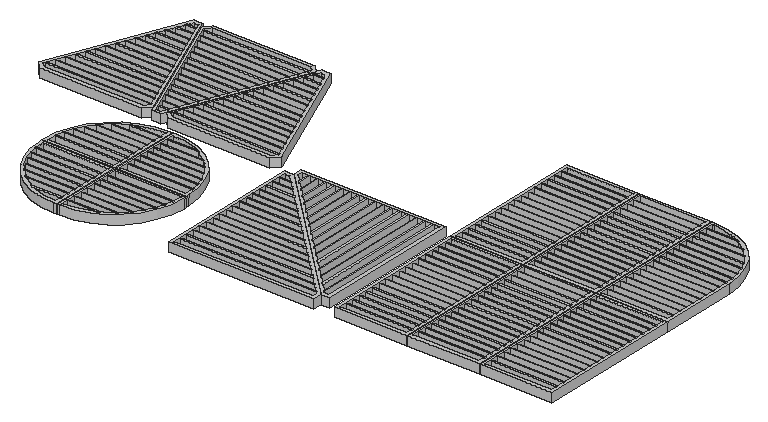
Revit family "CDL-WFD-006_MARTHA'S_RFA", category Modelos genéricos, Revit 2022
Family settings
  Puede alojar armadura = No
  Cota de conector redondo = Diámetro de uso
  Tipo de pieza = Normal
  Se basa en plano de trabajo = No
  Siempre vertical = Sí
  Corte con vacíos al cargar = No
  Mantener orientación de anotación = No
  Compartido = No
  Punto de cálculo de habitación = No
Parameters
  Elevación por defecto = 0.00"
Reference planes (in)
  plane 1 "Centro (Frontal/Posterior)": y = 0
  plane 2: z = 0
  plane 3 "Centro (Izquierda/Derecha)": x = 0
Forms (in)
  Extrusion 1, solid, not visible
    sketch origin (0, 0, 0) x (1, 0, 0) y (0, 1, 0)
      loop
        line (0, 2.25) -> (0, 0) -> (108, 0) -> (108, 2.25) -> (0, 2.25)
    from 0 to 8
  Extrusion 2, solid, not visible
    sketch origin (0, 0, 0) x (1, 0, 0) y (0, 1, 0)
      loop
        line (0, 2.25) -> (0, 0) -> (108, 0) -> (108, 2.25) -> (0, 2.25)
    from 0 to 8
  Extrusion 3, solid, not visible
    sketch origin (0, 8, 0) x (1, 0, 0) y (0, 1, 0)
      loop
        line (0, 2.25) -> (0, 0) -> (108, 0) -> (108, 2.25) -> (0, 2.25)
    from 0 to 8
  Extrusion 4, solid, not visible
    sketch origin (0, 16, 0) x (1, 0, 0) y (0, 1, 0)
      loop
        line (0, 2.25) -> (0, 0) -> (108, 0) -> (108, 2.25) -> (0, 2.25)
    from 0 to 8
  Extrusion 5, solid, not visible
    sketch origin (0, 24, 0) x (1, 0, 0) y (0, 1, 0)
      loop
        line (0, 2.25) -> (0, 0) -> (108, 0) -> (108, 2.25) -> (0, 2.25)
    from 0 to 8
  Extrusion 6, solid, not visible
    sketch origin (0, 32, 0) x (1, 0, 0) y (0, 1, 0)
      loop
        line (0, 2.25) -> (0, 0) -> (108, 0) -> (108, 2.25) -> (0, 2.25)
    from 0 to 8
  Extrusion 7, solid, not visible
    sketch origin (0, 40, 0) x (1, 0, 0) y (0, 1, 0)
      loop
        line (0, 2.25) -> (0, 0) -> (108, 0) -> (108, 2.25) -> (0, 2.25)
    from 0 to 8
  Extrusion 8, solid, not visible
    sketch origin (0, 48, 0) x (1, 0, 0) y (0, 1, 0)
      loop
        line (0, 2.25) -> (0, 0) -> (108, 0) -> (108, 2.25) -> (0, 2.25)
    from 0 to 8
  Extrusion 9, solid, not visible
    sketch origin (0, 56, 0) x (1, 0, 0) y (0, 1, 0)
      loop
        line (0, 2.25) -> (0, 0) -> (108, 0) -> (108, 2.25) -> (0, 2.25)
    from 0 to 8
  Extrusion 10, solid, not visible
    sketch origin (0, 64, 0) x (1, 0, 0) y (0, 1, 0)
      loop
        line (0, 2.25) -> (0, 0) -> (108, 0) -> (108, 2.25) -> (0, 2.25)
    from 0 to 8
  Extrusion 11, solid, not visible
    sketch origin (0, 72, 0) x (1, 0, 0) y (0, 1, 0)
      loop
        line (0, 2.25) -> (0, 0) -> (108, 0) -> (108, 2.25) -> (0, 2.25)
    from 0 to 8
  Extrusion 12, solid, not visible
    sketch origin (0, 80, 0) x (1, 0, 0) y (0, 1, 0)
      loop
        line (0, 2.25) -> (0, 0) -> (108, 0) -> (108, 2.25) -> (0, 2.25)
    from 0 to 8
  Extrusion 13, solid, not visible
    sketch origin (0, 88, 0) x (1, 0, 0) y (0, 1, 0)
      loop
        line (0, 2.25) -> (0, 0) -> (108, 0) -> (108, 2.25) -> (0, 2.25)
    from 0 to 8
  Extrusion 14, solid, not visible
    sketch origin (0, 96, 0) x (1, 0, 0) y (0, 1, 0)
      loop
        line (0, 2.25) -> (0, 0) -> (108, 0) -> (108, 2.25) -> (0, 2.25)
    from 0 to 8
  Extrusion 15, solid, not visible
    sketch origin (0, 104, 0) x (1, 0, 0) y (0, 1, 0)
      loop
        line (0, 2.25) -> (0, 0) -> (108, 0) -> (108, 2.25) -> (0, 2.25)
    from 0 to 8
  Extrusion 16, solid, not visible
    sketch origin (0, 112, 0) x (1, 0, 0) y (0, 1, 0)
      loop
        line (0, 2.25) -> (0, 0) -> (108, 0) -> (108, 2.25) -> (0, 2.25)
    from 0 to 8
  Extrusion 17, solid, not visible
    sketch origin (0, 120, 0) x (1, 0, 0) y (0, 1, 0)
      loop
        line (0, 2.25) -> (0, 0) -> (108, 0) -> (108, 2.25) -> (0, 2.25)
    from 0 to 8
  Extrusion 18, solid, not visible
    sketch origin (0, 128, 0) x (1, 0, 0) y (0, 1, 0)
      loop
        line (0, 2.25) -> (0, 0) -> (108, 0) -> (108, 2.25) -> (0, 2.25)
    from 0 to 8
  Extrusion 19, solid, not visible
    sketch origin (0, 136, 0) x (1, 0, 0) y (0, 1, 0)
      loop
        line (0, 2.25) -> (0, 0) -> (108, 0) -> (108, 2.25) -> (0, 2.25)
    from 0 to 8
  Extrusion 20, solid, not visible
    sketch origin (0, 144, 0) x (1, 0, 0) y (0, 1, 0)
      loop
        line (0, 2.25) -> (0, 0) -> (108, 0) -> (108, 2.25) -> (0, 2.25)
    from 0 to 8
  Extrusion 21, solid, not visible
    sketch origin (0, 152, 0) x (1, 0, 0) y (0, 1, 0)
      loop
        line (0, 2.25) -> (0, 0) -> (108, 0) -> (108, 2.25) -> (0, 2.25)
    from 0 to 8
  Extrusion 22, solid, not visible
    sketch origin (109, 0, 0) x (1, 0, 0) y (0, 1, 0)
      loop
        line (0, 2.25) -> (0, 0) -> (108, 0) -> (108, 2.25) -> (0, 2.25)
    from 0 to 8
  Extrusion 23, solid, not visible
    sketch origin (109, 8, 0) x (1, 0, 0) y (0, 1, 0)
      loop
        line (0, 2.25) -> (0, 0) -> (108, 0) -> (108, 2.25) -> (0, 2.25)
    from 0 to 8
  Extrusion 24, solid, not visible
    sketch origin (109, 16, 0) x (1, 0, 0) y (0, 1, 0)
      loop
        line (0, 2.25) -> (0, 0) -> (108, 0) -> (108, 2.25) -> (0, 2.25)
    from 0 to 8
  Extrusion 25, solid, not visible
    sketch origin (109, 24, 0) x (1, 0, 0) y (0, 1, 0)
      loop
        line (0, 2.25) -> (0, 0) -> (108, 0) -> (108, 2.25) -> (0, 2.25)
    from 0 to 8
  Extrusion 26, solid, not visible
    sketch origin (109, 32, 0) x (1, 0, 0) y (0, 1, 0)
      loop
        line (0, 2.25) -> (0, 0) -> (108, 0) -> (108, 2.25) -> (0, 2.25)
    from 0 to 8
  Extrusion 27, solid, not visible
    sketch origin (109, 40, 0) x (1, 0, 0) y (0, 1, 0)
      loop
        line (0, 2.25) -> (0, 0) -> (108, 0) -> (108, 2.25) -> (0, 2.25)
    from 0 to 8
  Extrusion 28, solid, not visible
    sketch origin (109, 48, 0) x (1, 0, 0) y (0, 1, 0)
      loop
        line (0, 2.25) -> (0, 0) -> (108, 0) -> (108, 2.25) -> (0, 2.25)
    from 0 to 8
  Extrusion 29, solid, not visible
    sketch origin (109, 56, 0) x (1, 0, 0) y (0, 1, 0)
      loop
        line (0, 2.25) -> (0, 0) -> (108, 0) -> (108, 2.25) -> (0, 2.25)
    from 0 to 8
  Extrusion 30, solid, not visible
    sketch origin (109, 64, 0) x (1, 0, 0) y (0, 1, 0)
      loop
        line (0, 2.25) -> (0, 0) -> (108, 0) -> (108, 2.25) -> (0, 2.25)
    from 0 to 8
  Extrusion 31, solid, not visible
    sketch origin (109, 72, 0) x (1, 0, 0) y (0, 1, 0)
      loop
        line (0, 2.25) -> (0, 0) -> (108, 0) -> (108, 2.25) -> (0, 2.25)
    from 0 to 8
  Extrusion 32, solid, not visible
    sketch origin (109, 80, 0) x (1, 0, 0) y (0, 1, 0)
      loop
        line (0, 2.25) -> (0, 0) -> (108, 0) -> (108, 2.25) -> (0, 2.25)
    from 0 to 8
  Extrusion 33, solid, not visible
    sketch origin (109, 88, 0) x (1, 0, 0) y (0, 1, 0)
      loop
        line (0, 2.25) -> (0, 0) -> (108, 0) -> (108, 2.25) -> (0, 2.25)
    from 0 to 8
  Extrusion 34, solid, not visible
    sketch origin (109, 96, 0) x (1, 0, 0) y (0, 1, 0)
      loop
        line (0, 2.25) -> (0, 0) -> (108, 0) -> (108, 2.25) -> (0, 2.25)
    from 0 to 8
  Extrusion 35, solid, not visible
    sketch origin (109, 104, 0) x (1, 0, 0) y (0, 1, 0)
      loop
        line (0, 2.25) -> (0, 0) -> (108, 0) -> (108, 2.25) -> (0, 2.25)
    from 0 to 8
  Extrusion 36, solid, not visible
    sketch origin (109, 112, 0) x (1, 0, 0) y (0, 1, 0)
      loop
        line (0, 2.25) -> (0, 0) -> (108, 0) -> (108, 2.25) -> (0, 2.25)
    from 0 to 8
  Extrusion 37, solid, not visible
    sketch origin (109, 120, 0) x (1, 0, 0) y (0, 1, 0)
      loop
        line (0, 2.25) -> (0, 0) -> (108, 0) -> (108, 2.25) -> (0, 2.25)
    from 0 to 8
  Extrusion 38, solid, not visible
    sketch origin (109, 128, 0) x (1, 0, 0) y (0, 1, 0)
      loop
        line (0, 2.25) -> (0, 0) -> (108, 0) -> (108, 2.25) -> (0, 2.25)
    from 0 to 8
  Extrusion 39, solid, not visible
    sketch origin (109, 136, 0) x (1, 0, 0) y (0, 1, 0)
      loop
        line (0, 2.25) -> (0, 0) -> (108, 0) -> (108, 2.25) -> (0, 2.25)
    from 0 to 8
  Extrusion 40, solid, not visible
    sketch origin (109, 144, 0) x (1, 0, 0) y (0, 1, 0)
      loop
        line (0, 2.25) -> (0, 0) -> (108, 0) -> (108, 2.25) -> (0, 2.25)
    from 0 to 8
  Extrusion 41, solid, not visible
    sketch origin (109, 152, 0) x (1, 0, 0) y (0, 1, 0)
      loop
        line (0, 2.25) -> (0, 0) -> (108, 0) -> (108, 2.25) -> (0, 2.25)
    from 0 to 8
  Extrusion 42, solid, not visible
    sketch origin (-108, 0, 0) x (1, 0, 0) y (0, 1, 0)
      loop
        line (0, 2.25) -> (0, 0) -> (108, 0) -> (108, 2.25) -> (0, 2.25)
    from 0 to 8
  Extrusion 43, solid, not visible
    sketch origin (-108, 8, 0) x (1, 0, 0) y (0, 1, 0)
      loop
        line (0, 2.25) -> (0, 0) -> (108, 0) -> (108, 2.25) -> (0, 2.25)
    from 0 to 8
  Extrusion 44, solid, not visible
    sketch origin (-108, 16, 0) x (1, 0, 0) y (0, 1, 0)
      loop
        line (0, 2.25) -> (0, 0) -> (108, 0) -> (108, 2.25) -> (0, 2.25)
    from 0 to 8
  Extrusion 45, solid, not visible
    sketch origin (-108, 24, 0) x (1, 0, 0) y (0, 1, 0)
      loop
        line (0, 2.25) -> (0, 0) -> (108, 0) -> (108, 2.25) -> (0, 2.25)
    from 0 to 8
  Extrusion 46, solid, not visible
    sketch origin (-108, 32, 0) x (1, 0, 0) y (0, 1, 0)
      loop
        line (0, 2.25) -> (0, 0) -> (108, 0) -> (108, 2.25) -> (0, 2.25)
    from 0 to 8
  Extrusion 47, solid, not visible
    sketch origin (-108, 40, 0) x (1, 0, 0) y (0, 1, 0)
      loop
        line (0, 2.25) -> (0, 0) -> (108, 0) -> (108, 2.25) -> (0, 2.25)
    from 0 to 8
  Extrusion 48, solid, not visible
    sketch origin (1, 0, 0) x (1, 0, 0) y (0, 1, 0)
      loop
        line (0, 2.25) -> (0, 0) -> (108, 0) -> (108, 2.25) -> (0, 2.25)
    from 0 to 8
  Extrusion 49, solid, not visible
    sketch origin (1, 8, 0) x (1, 0, 0) y (0, 1, 0)
      loop
        line (0, 2.25) -> (0, 0) -> (108, 0) -> (108, 2.25) -> (0, 2.25)
    from 0 to 8
  Extrusion 50, solid, not visible
    sketch origin (1, 16, 0) x (1, 0, 0) y (0, 1, 0)
      loop
        line (0, 2.25) -> (0, 0) -> (108, 0) -> (108, 2.25) -> (0, 2.25)
    from 0 to 8
  Extrusion 51, solid, not visible
    sketch origin (1, 24, 0) x (1, 0, 0) y (0, 1, 0)
      loop
        line (0, 2.25) -> (0, 0) -> (108, 0) -> (108, 2.25) -> (0, 2.25)
    from 0 to 8
  Extrusion 52, solid, not visible
    sketch origin (1, 32, 0) x (1, 0, 0) y (0, 1, 0)
      loop
        line (0, 2.25) -> (0, 0) -> (108, 0) -> (108, 2.25) -> (0, 2.25)
    from 0 to 8
  Extrusion 53, solid, not visible
    sketch origin (1, 40, 0) x (1, 0, 0) y (0, 1, 0)
      loop
        line (0, 2.25) -> (0, 0) -> (108, 0) -> (108, 2.25) -> (0, 2.25)
    from 0 to 8
  Extrusion 54, solid, not visible
    sketch origin (-108, 48, 0) x (1, 0, 0) y (0, 1, 0)
      loop
        line (0, 2.25) -> (0, 0) -> (108, 0) -> (108, 2.25) -> (0, 2.25)
    from 0 to 8
  Extrusion 55, solid, not visible
    sketch origin (-108, 56, 0) x (1, 0, 0) y (0, 1, 0)
      loop
        line (0, 2.25) -> (0, 0) -> (108, 0) -> (108, 2.25) -> (0, 2.25)
    from 0 to 8
  Extrusion 56, solid, not visible
    sketch origin (-108, 64, 0) x (1, 0, 0) y (0, 1, 0)
      loop
        line (0, 2.25) -> (0, 0) -> (108, 0) -> (108, 2.25) -> (0, 2.25)
    from 0 to 8
  Extrusion 57, solid, not visible
    sketch origin (-108, 72, 0) x (1, 0, 0) y (0, 1, 0)
      loop
        line (0, 2.25) -> (0, 0) -> (108, 0) -> (108, 2.25) -> (0, 2.25)
    from 0 to 8
  Extrusion 58, solid, not visible
    sketch origin (-108, 80, 0) x (1, 0, 0) y (0, 1, 0)
      loop
        line (0, 2.25) -> (0, 0) -> (108, 0) -> (108, 2.25) -> (0, 2.25)
    from 0 to 8
  Extrusion 59, solid, not visible
    sketch origin (1, 48, 0) x (1, 0, 0) y (0, 1, 0)
      loop
        line (0, 2.25) -> (0, 0) -> (108, 0) -> (108, 2.25) -> (0, 2.25)
    from 0 to 8
  Extrusion 60, solid, not visible
    sketch origin (1, 56, 0) x (1, 0, 0) y (0, 1, 0)
      loop
        line (0, 2.25) -> (0, 0) -> (108, 0) -> (108, 2.25) -> (0, 2.25)
    from 0 to 8
  Extrusion 61, solid, not visible
    sketch origin (1, 64, 0) x (1, 0, 0) y (0, 1, 0)
      loop
        line (0, 2.25) -> (0, 0) -> (108, 0) -> (108, 2.25) -> (0, 2.25)
    from 0 to 8
  Extrusion 62, solid, not visible
    sketch origin (1, 72, 0) x (1, 0, 0) y (0, 1, 0)
      loop
        line (0, 2.25) -> (0, 0) -> (108, 0) -> (108, 2.25) -> (0, 2.25)
    from 0 to 8
  Extrusion 63, solid, not visible
    sketch origin (1, 80, 0) x (1, 0, 0) y (0, 1, 0)
      loop
        line (0, 2.25) -> (0, 0) -> (108, 0) -> (108, 2.25) -> (0, 2.25)
    from 0 to 8
  Extrusion 64, solid, not visible
    sketch origin (-108, 88, 0) x (1, 0, 0) y (0, 1, 0)
      loop
        line (0, 2.25) -> (0, 0) -> (108, 0) -> (108, 2.25) -> (0, 2.25)
    from 0 to 8
  Extrusion 65, solid, not visible
    sketch origin (-108, 96, 0) x (1, 0, 0) y (0, 1, 0)
      loop
        line (0, 2.25) -> (0, 0) -> (108, 0) -> (108, 2.25) -> (0, 2.25)
    from 0 to 8
  Extrusion 66, solid, not visible
    sketch origin (-108, 104, 0) x (1, 0, 0) y (0, 1, 0)
      loop
        line (0, 2.25) -> (0, 0) -> (108, 0) -> (108, 2.25) -> (0, 2.25)
    from 0 to 8
  Extrusion 67, solid, not visible
    sketch origin (-108, 112, 0) x (1, 0, 0) y (0, 1, 0)
      loop
        line (0, 2.25) -> (0, 0) -> (108, 0) -> (108, 2.25) -> (0, 2.25)
    from 0 to 8
  Extrusion 68, solid, not visible
    sketch origin (-108, 120, 0) x (1, 0, 0) y (0, 1, 0)
      loop
        line (0, 2.25) -> (0, 0) -> (108, 0) -> (108, 2.25) -> (0, 2.25)
    from 0 to 8
  Extrusion 69, solid, not visible
    sketch origin (1, 88, 0) x (1, 0, 0) y (0, 1, 0)
      loop
        line (0, 2.25) -> (0, 0) -> (108, 0) -> (108, 2.25) -> (0, 2.25)
    from 0 to 8
  Extrusion 70, solid, not visible
    sketch origin (1, 96, 0) x (1, 0, 0) y (0, 1, 0)
      loop
        line (0, 2.25) -> (0, 0) -> (108, 0) -> (108, 2.25) -> (0, 2.25)
    from 0 to 8
  Extrusion 71, solid, not visible
    sketch origin (1, 104, 0) x (1, 0, 0) y (0, 1, 0)
      loop
        line (0, 2.25) -> (0, 0) -> (108, 0) -> (108, 2.25) -> (0, 2.25)
    from 0 to 8
  Extrusion 72, solid, not visible
    sketch origin (1, 112, 0) x (1, 0, 0) y (0, 1, 0)
      loop
        line (0, 2.25) -> (0, 0) -> (108, 0) -> (108, 2.25) -> (0, 2.25)
    from 0 to 8
  Extrusion 73, solid, not visible
    sketch origin (1, 120, 0) x (1, 0, 0) y (0, 1, 0)
      loop
        line (0, 2.25) -> (0, 0) -> (108, 0) -> (108, 2.25) -> (0, 2.25)
    from 0 to 8
  Extrusion 74, solid, not visible
    sketch origin (-108, 128, 0) x (1, 0, 0) y (0, 1, 0)
      loop
        line (0, 2.25) -> (0, 0) -> (108, 0) -> (108, 2.25) -> (0, 2.25)
    from 0 to 8
  Extrusion 75, solid, not visible
    sketch origin (-108, 136, 0) x (1, 0, 0) y (0, 1, 0)
      loop
        line (0, 2.25) -> (0, 0) -> (108, 0) -> (108, 2.25) -> (0, 2.25)
    from 0 to 8
  Extrusion 76, solid, not visible
    sketch origin (-108, 144, 0) x (1, 0, 0) y (0, 1, 0)
      loop
        line (0, 2.25) -> (0, 0) -> (108, 0) -> (108, 2.25) -> (0, 2.25)
    from 0 to 8
  Extrusion 77, solid, not visible
    sketch origin (-108, 152, 0) x (1, 0, 0) y (0, 1, 0)
      loop
        line (0, 2.25) -> (0, 0) -> (108, 0) -> (108, 2.25) -> (0, 2.25)
    from 0 to 8
  Extrusion 78, solid, not visible
    sketch origin (-108, 160, 0) x (1, 0, 0) y (0, 1, 0)
      loop
        line (0, 2.25) -> (0, 0) -> (108, 0) -> (108, 2.25) -> (0, 2.25)
    from 0 to 8
  Extrusion 79, solid, not visible
    sketch origin (1, 128, 0) x (1, 0, 0) y (0, 1, 0)
      loop
        line (0, 2.25) -> (0, 0) -> (108, 0) -> (108, 2.25) -> (0, 2.25)
    from 0 to 8
  Extrusion 80, solid, not visible
    sketch origin (1, 136, 0) x (1, 0, 0) y (0, 1, 0)
      loop
        line (0, 2.25) -> (0, 0) -> (108, 0) -> (108, 2.25) -> (0, 2.25)
    from 0 to 8
  Extrusion 81, solid, not visible
    sketch origin (1, 144, 0) x (1, 0, 0) y (0, 1, 0)
      loop
        line (0, 2.25) -> (0, 0) -> (108, 0) -> (108, 2.25) -> (0, 2.25)
    from 0 to 8
  Extrusion 82, solid, not visible
    sketch origin (1, 152, 0) x (1, 0, 0) y (0, 1, 0)
      loop
        line (0, 2.25) -> (0, 0) -> (108, 0) -> (108, 2.25) -> (0, 2.25)
    from 0 to 8
  Extrusion 83, solid, not visible
    sketch origin (1, 160, 0) x (1, 0, 0) y (0, 1, 0)
      loop
        line (0, 2.25) -> (0, 0) -> (108, 0) -> (108, 2.25) -> (0, 2.25)
    from 0 to 8
  Extrusion 84, solid, not visible
    sketch origin (0, 0, 0) x (1, 0, 0) y (0, 1, 0)
      loop
        line (0, 3) -> (0, 0) -> (108, 0) -> (108, 3) -> (0, 3)
    from 0 to 8
  Extrusion 85, void, not visible
    sketch origin (0, 0, 0) x (1, 0, 0) y (0, 1, 0)
      loop
        line (6, 2) -> (6, 1) -> (66, 1) -> (66, 2) -> (6, 2)
    from 0 to 1.03
  Extrusion 86, solid, not visible
    sketch origin (0, 0, 0) x (1, 0, 0) y (0, 1, 0)
      loop
        line (0, 3) -> (0, 0) -> (108, 0) -> (108, 3) -> (0, 3)
    from 0 to 8
  Extrusion 87, void, not visible
    sketch origin (0, 0, 0) x (1, 0, 0) y (0, 1, 0)
      loop
        line (6, 2) -> (6, 1) -> (66, 1) -> (66, 2) -> (6, 2)
    from 0 to 1.03
  Extrusion 88, solid, not visible
    sketch origin (0, 0, 0) x (1, 0, 0) y (0, 1, 0)
      loop
        line (6, 2) -> (6, 1) -> (66, 1) -> (66, 2) -> (6, 2)
    from 0 to 1.03
  Extrusion 89, solid, not visible
    sketch origin (0, 32, 0) x (1, 0, 0) y (0, 1, 0)
      loop
        line (0, 3) -> (0, 0) -> (108, 0) -> (108, 3) -> (0, 3)
    from 0 to 8
  Extrusion 90, void, not visible
    sketch origin (0, 32, 0) x (1, 0, 0) y (0, 1, 0)
      loop
        line (6, 2) -> (6, 1) -> (102, 1) -> (102, 2) -> (6, 2)
    from 0 to 1.03
  Extrusion 91, solid, not visible
    sketch origin (8.95842, -18.67436, 0) x (1, 0, 0) y (0, 1, 0)
      loop
        line (-8.48642, 97.64679) -> (-8.48642, 97.17436) -> (98.56914, 97.17436) -> (98.56914, 97.64679) -> (-8.48642, 97.64679)
    from 0.59055 to 8
  Extrusion 92, solid, not visible
    sketch origin (8.95842, -16.6468, 0) x (1, 0, 0) y (0, 1, 0)
      loop
        line (-8.48642, 97.64679) -> (-8.48642, 97.17436) -> (98.56914, 97.17436) -> (98.56914, 97.64679) -> (-8.48642, 97.64679)
    from 0.59055 to 8
  Extrusion 93, solid, not visible
    sketch origin (60.46912, 110.28574, 0) x (1, 0, 0) y (0, 1, 0)
      loop
        line (45.03088, -29.28574) -> (-57.96911, -29.28574) -> (-57.96911, -31.78574) -> (45.03088, -31.78574) -> (45.03088, -29.28574)
      loop
        line (23.78088, -31.03574) -> (41.78088, -31.03574) -> (41.78088, -30.03574) -> (23.78088, -30.03574) -> (23.78088, -31.03574)
      loop
        line (-54.71912, -31.03574) -> (-36.71912, -31.03574) -> (-36.71912, -30.03574) -> (-54.71912, -30.03574) -> (-54.71912, -31.03574)
    from 0 to 0.59055
  Extrusion 94, solid, not visible
    sketch origin (108, 51.5, 0) x (0, 1, 0) y (-1, 0, 0)
      loop
        line (27.75, 102.25) -> (27.75, 84.25) -> (28.75, 84.25) -> (28.75, 102.25) -> (27.75, 102.25)
    from 0 to 1
  Extrusion 95, solid, not visible
    sketch origin (186.5, 51.5, 0) x (0, 1, 0) y (-1, 0, 0)
      loop
        line (27.75, 102.25) -> (27.75, 84.25) -> (28.75, 84.25) -> (28.75, 102.25) -> (27.75, 102.25)
    from 0 to 1
  Extrusion 96, solid, not visible
    sketch origin (8.95842, -44.42438, 0) x (1, 0, 0) y (0, 1, 0)
      loop
        line (-8.48642, 97.64679) -> (-8.48642, 97.17436) -> (98.56914, 97.17436) -> (98.56914, 97.64679) -> (-8.48642, 97.64679)
    from 0.59055 to 8
  Extrusion 97, solid, not visible
    sketch origin (8.95842, -42.39682, 0) x (1, 0, 0) y (0, 1, 0)
      loop
        line (-8.48642, 97.64679) -> (-8.48642, 97.17436) -> (98.56914, 97.17436) -> (98.56914, 97.64679) -> (-8.48642, 97.64679)
    from 0.59055 to 8
  Extrusion 98, solid, not visible
    sketch origin (60.46912, 84.53571, 0) x (1, 0, 0) y (0, 1, 0)
      loop
        line (45.03088, -29.28574) -> (-57.96911, -29.28574) -> (-57.96911, -31.78574) -> (45.03088, -31.78574) -> (45.03088, -29.28574)
      loop
        line (-28.96912, -31.03574) -> (-10.96912, -31.03574) -> (-10.96912, -30.03574) -> (-28.96912, -30.03574) -> (-28.96912, -31.03574)
      loop
        line (-3.21912, -31.03571) -> (14.78088, -31.03571) -> (14.78088, -30.03571) -> (-3.21912, -30.03571) -> (-3.21912, -31.03571)
    from 0 to 0.59055
  Extrusion 99, solid, not visible
    sketch origin (133.74998, 25.74998, 0) x (0, 1, 0) y (-1, 0, 0)
      loop
        line (27.75, 102.25) -> (27.75, 84.25) -> (28.75, 84.25) -> (28.75, 102.25) -> (27.75, 102.25)
    from 0 to 1
  Extrusion 100, solid, not visible
    sketch origin (159.49998, 25.74998, 0) x (0, 1, 0) y (-1, 0, 0)
      loop
        line (27.75, 102.25) -> (27.75, 84.25) -> (28.75, 84.25) -> (28.75, 102.25) -> (27.75, 102.25)
    from 0 to 1
  Extrusion 101, solid, not visible
    sketch origin (8.95842, -70.17436, 0) x (1, 0, 0) y (0, 1, 0)
      loop
        line (-8.48642, 97.64679) -> (-8.48642, 97.17436) -> (98.56914, 97.17436) -> (98.56914, 97.64679) -> (-8.48642, 97.64679)
    from 0.59055 to 8
  Extrusion 102, solid, not visible
    sketch origin (8.95842, -68.1468, 0) x (1, 0, 0) y (0, 1, 0)
      loop
        line (-8.48642, 97.64679) -> (-8.48642, 97.17436) -> (98.56914, 97.17436) -> (98.56914, 97.64679) -> (-8.48642, 97.64679)
    from 0.59055 to 8
  Extrusion 103, solid, not visible
    sketch origin (60.46912, 58.78574, 0) x (1, 0, 0) y (0, 1, 0)
      loop
        line (45.03088, -29.28574) -> (-57.96911, -29.28574) -> (-57.96911, -31.78574) -> (45.03088, -31.78574) -> (45.03088, -29.28574)
      loop
        line (23.78088, -31.03574) -> (41.78088, -31.03574) -> (41.78088, -30.03574) -> (23.78088, -30.03574) -> (23.78088, -31.03574)
      loop
        line (-54.71912, -31.03574) -> (-36.71912, -31.03574) -> (-36.71912, -30.03574) -> (-54.71912, -30.03574) -> (-54.71912, -31.03574)
    from 0 to 0.59055
  Extrusion 104, solid, not visible
    sketch origin (108, 0, 0) x (0, 1, 0) y (-1, 0, 0)
      loop
        line (27.75, 102.25) -> (27.75, 84.25) -> (28.75, 84.25) -> (28.75, 102.25) -> (27.75, 102.25)
    from 0 to 1
  Extrusion 105, solid, not visible
    sketch origin (186.5, 0, 0) x (0, 1, 0) y (-1, 0, 0)
      loop
        line (27.75, 102.25) -> (27.75, 84.25) -> (28.75, 84.25) -> (28.75, 102.25) -> (27.75, 102.25)
    from 0 to 1
  Extrusion 106, solid, not visible
    sketch origin (-70.17436, 99.04114, 0) x (0, -1, 0) y (1, 0, 0)
      loop
        line (-8.48642, 97.64679) -> (-8.48642, 97.17436) -> (98.56914, 97.17436) -> (98.56914, 97.64679) -> (-8.48642, 97.64679)
    from 0.59055 to 8
  Extrusion 107, solid, not visible
    sketch origin (-68.1468, 99.04114, 0) x (0, -1, 0) y (1, 0, 0)
      loop
        line (-8.48642, 97.64679) -> (-8.48642, 97.17436) -> (98.56914, 97.17436) -> (98.56914, 97.64679) -> (-8.48642, 97.64679)
    from 0.59055 to 8
  Extrusion 108, solid, not visible
    sketch origin (-2.28571, 86.21912, 0) x (0, 1, 0) y (-1, 0, 0)
      loop
        line (19.28088, -29.28574) -> (-83.71912, -29.28574) -> (-83.71912, -31.78574) -> (19.28088, -31.78574) -> (19.28088, -29.28574)
      loop
        line (16.03088, -31.03571) -> (16.03088, -30.03571) -> (-1.96912, -30.03571) -> (-1.96912, -31.03571) -> (16.03088, -31.03571)
      loop
        line (-62.46912, -31.03571) -> (-62.46912, -30.03571) -> (-80.46912, -30.03571) -> (-80.46912, -31.03571) -> (-62.46912, -31.03571)
    from 0 to 0.59055
  Extrusion 109, solid, not visible
    sketch origin (0, 0, 0) x (1, 0, 0) y (0, 1, 0)
      loop
        line (27.75, 102.25) -> (27.75, 84.25) -> (28.75, 84.25) -> (28.75, 102.25) -> (27.75, 102.25)
    from 0 to 1
  Extrusion 110, solid, not visible
    sketch origin (0, -78.5, 0) x (1, 0, 0) y (0, 1, 0)
      loop
        line (27.75, 102.25) -> (27.75, 84.25) -> (28.75, 84.25) -> (28.75, 102.25) -> (27.75, 102.25)
    from 0 to 1
  Extrusion 111, solid, not visible
    sketch origin (-44.89438, 99.04114, 0) x (0, -1, 0) y (1, 0, 0)
      loop
        line (-8.48642, 97.64679) -> (-8.48642, 97.17436) -> (98.56914, 97.17436) -> (98.56914, 97.64679) -> (-8.48642, 97.64679)
    from 0.59055 to 8
  Extrusion 112, solid, not visible
    sketch origin (-42.39682, 99.04114, 0) x (0, -1, 0) y (1, 0, 0)
      loop
        line (-8.48642, 97.64679) -> (-8.48642, 97.17436) -> (98.56914, 97.17436) -> (98.56914, 97.64679) -> (-8.48642, 97.64679)
    from 0.59055 to 8
  Extrusion 113, solid, not visible
    sketch origin (23.46427, 86.21912, 0) x (0, 1, 0) y (-1, 0, 0)
      loop
        line (19.28088, -28.81571) -> (-83.71912, -28.81571) -> (-83.71912, -31.78574) -> (19.28088, -31.78574) -> (19.28088, -28.81571)
      loop
        line (-28.96912, -29.78573) -> (-28.96912, -30.78571) -> (-10.96912, -30.78571) -> (-10.96912, -29.78573) -> (-28.96912, -29.78573)
      loop
        line (-54.71914, -29.78573) -> (-54.71914, -30.78573) -> (-36.71914, -30.78573) -> (-36.71914, -29.78573) -> (-54.71914, -29.78573)
    from 0 to 0.59055
  Extrusion 114, solid, not visible
    sketch origin (25.74998, -27, 0) x (1, 0, 0) y (0, 1, 0)
      loop
        line (27.50002, 102.25) -> (27.50002, 84.25) -> (28.5, 84.25) -> (28.5, 102.25) -> (27.50002, 102.25)
    from 0 to 1
  Extrusion 115, solid, not visible
    sketch origin (25.74998, -52.75002, 0) x (1, 0, 0) y (0, 1, 0)
      loop
        line (27.50002, 102.25) -> (27.50002, 84.25) -> (28.50002, 84.25) -> (28.50002, 102.25) -> (27.50002, 102.25)
    from 0 to 1
  Extrusion 116, solid, not visible
    sketch origin (-18.67436, 99.04114, 0) x (0, -1, 0) y (1, 0, 0)
      loop
        line (-8.48642, 97.64679) -> (-8.48642, 97.17436) -> (98.56914, 97.17436) -> (98.56914, 97.64679) -> (-8.48642, 97.64679)
    from 0.59055 to 8
  Extrusion 117, solid, not visible
    sketch origin (-16.6468, 99.04114, 0) x (0, -1, 0) y (1, 0, 0)
      loop
        line (-8.48642, 97.64679) -> (-8.48642, 97.17436) -> (98.56914, 97.17436) -> (98.56914, 97.64679) -> (-8.48642, 97.64679)
    from 0.59055 to 8
  Extrusion 118, solid, not visible
    sketch origin (49.21426, 86.21912, 0) x (0, 1, 0) y (-1, 0, 0)
      loop
        line (19.28088, -29.28574) -> (-83.71912, -29.28574) -> (-83.71912, -31.78574) -> (19.28088, -31.78574) -> (19.28088, -29.28574)
      loop
        line (16.03088, -31.03571) -> (16.03088, -30.03571) -> (-1.96912, -30.03571) -> (-1.96912, -31.03571) -> (16.03088, -31.03571)
      loop
        line (-62.46912, -31.03571) -> (-62.46912, -30.03571) -> (-80.46912, -30.03571) -> (-80.46912, -31.03571) -> (-62.46912, -31.03571)
    from 0 to 0.59055
  Extrusion 119, solid, not visible
    sketch origin (51.49997, 0, 0) x (1, 0, 0) y (0, 1, 0)
      loop
        line (27.75, 102.25) -> (27.75, 84.25) -> (28.75, 84.25) -> (28.75, 102.25) -> (27.75, 102.25)
    from 0 to 1
  Extrusion 120, solid, not visible
    sketch origin (51.49997, -78.5, 0) x (1, 0, 0) y (0, 1, 0)
      loop
        line (27.75, 102.25) -> (27.75, 84.25) -> (28.75, 84.25) -> (28.75, 102.25) -> (27.75, 102.25)
    from 0 to 1
  Extrusion 121, solid, not visible
    sketch origin (10.23509, 91.82771, 0) x (0, -1, 0) y (1, 0, 0)
      loop
        line (-16.17229, 97.76491) -> (-15.69986, 97.29248) -> (91.35527, 97.29248) -> (91.82771, 97.76491) -> (-16.17229, 97.76491)
    from 0.59055 to 8
  Extrusion 122, solid, not visible
    sketch origin (137.28574, 61.88413, 0) x (0, 1, 0) y (-1, 0, 0)
      loop
        line (46.11587, 29.28574) -> (43.61587, 31.78574) -> (-59.38412, 31.78574) -> (-61.88412, 29.28574) -> (46.11587, 29.28574)
    from 0 to 0.59055
  Extrusion 123, solid, not visible
    sketch origin (8.20754, 91.82771, 0) x (0, -1, 0) y (1, 0, 0)
      loop
        line (-14.14474, 97.76491) -> (-13.67231, 97.29248) -> (89.32772, 97.29248) -> (89.80016, 97.76491) -> (-14.14474, 97.76491)
    from 0.59055 to 8.22418
  Extrusion 124, solid, not visible
    sketch origin (18.95842, 10.23509, 0) x (1, 0, 0) y (0, 1, 0)
      loop
        line (-18.95842, 97.76491) -> (-18.48598, 97.29247) -> (88.56914, 97.29247) -> (89.04158, 97.76491) -> (-18.95842, 97.76491)
    from 0.59055 to 8
  Extrusion 125, solid, not visible
    sketch origin (61.88413, 137.28574, 0) x (1, 0, 0) y (0, 1, 0)
      loop
        line (46.11587, -29.28574) -> (-61.88412, -29.28574) -> (-59.38412, -31.78574) -> (43.61587, -31.78574) -> (46.11587, -29.28574)
    from 0 to 0.59055
  Extrusion 126, solid, not visible
    sketch origin (18.95842, 8.20753, 0) x (1, 0, 0) y (0, 1, 0)
      loop
        line (-16.93086, 97.76491) -> (-16.45842, 97.29247) -> (86.54158, 97.29247) -> (87.01402, 97.76491) -> (-16.93086, 97.76491)
    from 0.59055 to 8
  Extrusion 127, solid, not visible
    sketch origin (-101.24865, 87.31603, 0) x (0, -1, 0) y (1, 0, 0)
      loop
        line (-20.21152, 101.72109) -> (-20.68397, 101.24865) -> (87.31604, 101.24865) -> (86.84359, 101.72109) -> (-20.21152, 101.72109)
    from 0.47244 to 8
  Extrusion 128, solid, not visible
    sketch origin (-29.28573, 61.88413, 0) x (0, 1, 0) y (-1, 0, 0)
      loop
        line (46.11587, -29.28574) -> (-61.88412, -29.28574) -> (-59.38412, -31.78574) -> (43.61587, -31.78574) -> (46.11587, -29.28574)
    from 0 to 0.59055
  Extrusion 129, solid, not visible
    sketch origin (-99.22109, 87.31603, 0) x (0, -1, 0) y (1, 0, 0)
      loop
        line (-18.18396, 101.72109) -> (-18.65641, 101.24865) -> (85.28848, 101.24865) -> (84.81603, 101.72109) -> (-18.18396, 101.72109)
    from 0.47244 to 8
  Extrusion 130, solid, not visible
    sketch origin (61.88413, -29.28574, 0) x (1, 0, 0) y (0, 1, 0)
      loop
        line (46.11587, 29.28574) -> (43.61587, 31.78574) -> (-59.38412, 31.78574) -> (-61.88412, 29.28574) -> (46.11587, 29.28574)
    from 0 to 0.47244
  Extrusion 131, solid, not visible
    sketch origin (8.95842, -97.17435, 0) x (1, 0, 0) y (0, 1, 0)
      loop
        line (-8.48598, 97.64679) -> (-8.95842, 97.17436) -> (99.04157, 97.17436) -> (98.56914, 97.64679) -> (-8.48598, 97.64679)
    from 0.59055 to 8
  Extrusion 132, solid, not visible
    sketch origin (8.95842, -95.14679, 0) x (1, 0, 0) y (0, 1, 0)
      loop
        line (-6.45842, 97.64679) -> (-6.93085, 97.17436) -> (97.01401, 97.17436) -> (96.54158, 97.64679) -> (-6.45842, 97.64679)
    from 0.59055 to 8
  Extrusion 133, solid, not visible
    sketch origin (61.88413, -29.28574, 0) x (1, 0, 0) y (0, 1, 0)
      loop
        line (46.11587, 29.28574) -> (43.61587, 31.78574) -> (-59.38412, 31.78574) -> (-61.88412, 29.28574) -> (46.11587, 29.28574)
    from 0 to 0.47244
  Extrusion 134, solid, not visible
    sketch origin (18.95842, 10.23509, 0) x (1, 0, 0) y (0, 1, 0)
      loop
        line (-18.95842, 97.76491) -> (-18.48598, 97.29247) -> (88.56914, 97.29247) -> (89.04158, 97.76491) -> (-18.95842, 97.76491)
    from 0.59055 to 8
  Extrusion 135, solid, not visible
    sketch origin (8.95842, -97.17435, 0) x (1, 0, 0) y (0, 1, 0)
      loop
        line (-8.48598, 97.64679) -> (-8.95842, 97.17436) -> (99.04157, 97.17436) -> (98.56914, 97.64679) -> (-8.48598, 97.64679)
    from 0.59055 to 8
  Extrusion 136, solid, not visible
    sketch origin (10.23509, 91.82771, 0) x (0, -1, 0) y (1, 0, 0)
      loop
        line (-16.17229, 97.76491) -> (-15.69986, 97.29248) -> (91.35527, 97.29248) -> (91.82771, 97.76491) -> (-16.17229, 97.76491)
    from 0.59055 to 8
  Extrusion 137, solid, not visible
    sketch origin (-101.24865, 87.31603, 0) x (0, -1, 0) y (1, 0, 0)
      loop
        line (-20.21152, 101.72109) -> (-20.68397, 101.24865) -> (87.31604, 101.24865) -> (86.84359, 101.72109) -> (-20.21152, 101.72109)
    from 0.47244 to 8
  Extrusion 138, solid, not visible
    sketch origin (61.88413, 137.28574, 0) x (1, 0, 0) y (0, 1, 0)
      loop
        line (46.11587, -29.28574) -> (-61.88412, -29.28574) -> (-59.38412, -31.78574) -> (43.61587, -31.78574) -> (46.11587, -29.28574)
    from 0 to 0.59055
  Extrusion 139, solid, not visible
    sketch origin (-29.28573, 61.88413, 0) x (0, 1, 0) y (-1, 0, 0)
      loop
        line (46.11587, -29.28574) -> (-61.88412, -29.28574) -> (-59.38412, -31.78574) -> (43.61587, -31.78574) -> (46.11587, -29.28574)
    from 0 to 0.59055
  Extrusion 140, solid, not visible
    sketch origin (137.28574, 61.88413, 0) x (0, 1, 0) y (-1, 0, 0)
      loop
        line (46.11587, 29.28574) -> (43.61587, 31.78574) -> (-59.38412, 31.78574) -> (-61.88412, 29.28574) -> (46.11587, 29.28574)
    from 0 to 0.59055
  Extrusion 141, solid, not visible
    sketch origin (8.95842, -95.14679, 0) x (1, 0, 0) y (0, 1, 0)
      loop
        line (-6.45842, 97.64679) -> (-6.93085, 97.17436) -> (97.01401, 97.17436) -> (96.54158, 97.64679) -> (-6.45842, 97.64679)
    from 0.59055 to 8
  Extrusion 142, solid, not visible
    sketch origin (-99.22109, 87.31603, 0) x (0, -1, 0) y (1, 0, 0)
      loop
        line (-18.18396, 101.72109) -> (-18.65641, 101.24865) -> (85.28848, 101.24865) -> (84.81603, 101.72109) -> (-18.18396, 101.72109)
    from 0.47244 to 8
  Extrusion 143, solid, not visible
    sketch origin (18.95842, 8.20753, 0) x (1, 0, 0) y (0, 1, 0)
      loop
        line (-16.93086, 97.76491) -> (-16.45842, 97.29247) -> (86.54158, 97.29247) -> (87.01402, 97.76491) -> (-16.93086, 97.76491)
    from 0.59055 to 8
  Extrusion 144, solid, not visible
    sketch origin (8.20754, 91.82771, 0) x (0, -1, 0) y (1, 0, 0)
      loop
        line (-14.14474, 97.76491) -> (-13.67231, 97.29248) -> (89.32772, 97.29248) -> (89.80016, 97.76491) -> (-14.14474, 97.76491)
    from 0.59055 to 8.22418
  Extrusion 145, solid, not visible
    sketch origin (8.95842, -70.17436, 0) x (1, 0, 0) y (0, 1, 0)
      loop
        line (-8.48642, 97.64679) -> (-8.48642, 97.17436) -> (98.56914, 97.17436) -> (98.56914, 97.64679) -> (-8.48642, 97.64679)
    from 0.59055 to 8
  Extrusion 146, solid, not visible
    sketch origin (8.95842, -68.1468, 0) x (1, 0, 0) y (0, 1, 0)
      loop
        line (-8.48642, 97.64679) -> (-8.48642, 97.17436) -> (98.56914, 97.17436) -> (98.56914, 97.64679) -> (-8.48642, 97.64679)
    from 0.59055 to 8
  Extrusion 147, solid, not visible
    sketch origin (8.95842, -44.42438, 0) x (1, 0, 0) y (0, 1, 0)
      loop
        line (-8.48642, 97.64679) -> (-8.48642, 97.17436) -> (98.56914, 97.17436) -> (98.56914, 97.64679) -> (-8.48642, 97.64679)
    from 0.59055 to 8
  Extrusion 148, solid, not visible
    sketch origin (8.95842, -42.39682, 0) x (1, 0, 0) y (0, 1, 0)
      loop
        line (-8.48642, 97.64679) -> (-8.48642, 97.17436) -> (98.56914, 97.17436) -> (98.56914, 97.64679) -> (-8.48642, 97.64679)
    from 0.59055 to 8
  Extrusion 149, solid, not visible
    sketch origin (8.95842, -18.67436, 0) x (1, 0, 0) y (0, 1, 0)
      loop
        line (-8.48642, 97.64679) -> (-8.48642, 97.17436) -> (98.56914, 97.17436) -> (98.56914, 97.64679) -> (-8.48642, 97.64679)
    from 0.59055 to 8
  Extrusion 150, solid, not visible
    sketch origin (8.95842, -16.6468, 0) x (1, 0, 0) y (0, 1, 0)
      loop
        line (-8.48642, 97.64679) -> (-8.48642, 97.17436) -> (98.56914, 97.17436) -> (98.56914, 97.64679) -> (-8.48642, 97.64679)
    from 0.59055 to 8
  Extrusion 151, solid, not visible
    sketch origin (-70.17436, 99.04114, 0) x (0, -1, 0) y (1, 0, 0)
      loop
        line (-8.48642, 97.64679) -> (-8.48642, 97.17436) -> (98.56914, 97.17436) -> (98.56914, 97.64679) -> (-8.48642, 97.64679)
    from 0.59055 to 8
  Extrusion 152, solid, not visible
    sketch origin (-68.1468, 99.04114, 0) x (0, -1, 0) y (1, 0, 0)
      loop
        line (-8.48642, 97.64679) -> (-8.48642, 97.17436) -> (98.56914, 97.17436) -> (98.56914, 97.64679) -> (-8.48642, 97.64679)
    from 0.59055 to 8
  Extrusion 153, solid, not visible
    sketch origin (-44.89438, 99.04114, 0) x (0, -1, 0) y (1, 0, 0)
      loop
        line (-8.48642, 97.64679) -> (-8.48642, 97.17436) -> (98.56914, 97.17436) -> (98.56914, 97.64679) -> (-8.48642, 97.64679)
    from 0.59055 to 8
  Extrusion 154, solid, not visible
    sketch origin (-42.39682, 99.04114, 0) x (0, -1, 0) y (1, 0, 0)
      loop
        line (-8.48642, 97.64679) -> (-8.48642, 97.17436) -> (98.56914, 97.17436) -> (98.56914, 97.64679) -> (-8.48642, 97.64679)
    from 0.59055 to 8
  Extrusion 155, solid, not visible
    sketch origin (-18.67436, 99.04114, 0) x (0, -1, 0) y (1, 0, 0)
      loop
        line (-8.48642, 97.64679) -> (-8.48642, 97.17436) -> (98.56914, 97.17436) -> (98.56914, 97.64679) -> (-8.48642, 97.64679)
    from 0.59055 to 8
  Extrusion 156, solid, not visible
    sketch origin (-16.6468, 99.04114, 0) x (0, -1, 0) y (1, 0, 0)
      loop
        line (-8.48642, 97.64679) -> (-8.48642, 97.17436) -> (98.56914, 97.17436) -> (98.56914, 97.64679) -> (-8.48642, 97.64679)
    from 0.59055 to 8
  Extrusion 157, solid, not visible
    sketch origin (60.46912, 110.28574, 0) x (1, 0, 0) y (0, 1, 0)
      loop
        line (45.03088, -29.28574) -> (-57.96911, -29.28574) -> (-57.96911, -31.78574) -> (45.03088, -31.78574) -> (45.03088, -29.28574)
      loop
        line (23.78088, -31.03574) -> (41.78088, -31.03574) -> (41.78088, -30.03574) -> (23.78088, -30.03574) -> (23.78088, -31.03574)
      loop
        line (-54.71912, -31.03574) -> (-36.71912, -31.03574) -> (-36.71912, -30.03574) -> (-54.71912, -30.03574) -> (-54.71912, -31.03574)
    from 0 to 0.59055
  Extrusion 158, solid, not visible
    sketch origin (60.46912, 84.53571, 0) x (1, 0, 0) y (0, 1, 0)
      loop
        line (45.03088, -29.28574) -> (-57.96911, -29.28574) -> (-57.96911, -31.78574) -> (45.03088, -31.78574) -> (45.03088, -29.28574)
      loop
        line (-28.96912, -31.03574) -> (-10.96912, -31.03574) -> (-10.96912, -30.03574) -> (-28.96912, -30.03574) -> (-28.96912, -31.03574)
      loop
        line (-3.21912, -31.03571) -> (14.78088, -31.03571) -> (14.78088, -30.03571) -> (-3.21912, -30.03571) -> (-3.21912, -31.03571)
    from 0 to 0.59055
  Extrusion 159, solid, not visible
    sketch origin (60.46912, 58.78574, 0) x (1, 0, 0) y (0, 1, 0)
      loop
        line (45.03088, -29.28574) -> (-57.96911, -29.28574) -> (-57.96911, -31.78574) -> (45.03088, -31.78574) -> (45.03088, -29.28574)
      loop
        line (23.78088, -31.03574) -> (41.78088, -31.03574) -> (41.78088, -30.03574) -> (23.78088, -30.03574) -> (23.78088, -31.03574)
      loop
        line (-54.71912, -31.03574) -> (-36.71912, -31.03574) -> (-36.71912, -30.03574) -> (-54.71912, -30.03574) -> (-54.71912, -31.03574)
    from 0 to 0.59055
  Extrusion 160, solid, not visible
    sketch origin (23.46427, 86.21912, 0) x (0, 1, 0) y (-1, 0, 0)
      loop
        line (19.28088, -28.81571) -> (-83.71912, -28.81571) -> (-83.71912, -31.78574) -> (19.28088, -31.78574) -> (19.28088, -28.81571)
      loop
        line (-28.96912, -29.78573) -> (-28.96912, -30.78571) -> (-10.96912, -30.78571) -> (-10.96912, -29.78573) -> (-28.96912, -29.78573)
      loop
        line (-54.71914, -29.78573) -> (-54.71914, -30.78573) -> (-36.71914, -30.78573) -> (-36.71914, -29.78573) -> (-54.71914, -29.78573)
    from 0 to 0.59055
  Extrusion 161, solid, not visible
    sketch origin (-2.28571, 86.21912, 0) x (0, 1, 0) y (-1, 0, 0)
      loop
        line (19.28088, -29.28574) -> (-83.71912, -29.28574) -> (-83.71912, -31.78574) -> (19.28088, -31.78574) -> (19.28088, -29.28574)
      loop
        line (16.03088, -31.03571) -> (16.03088, -30.03571) -> (-1.96912, -30.03571) -> (-1.96912, -31.03571) -> (16.03088, -31.03571)
      loop
        line (-62.46912, -31.03571) -> (-62.46912, -30.03571) -> (-80.46912, -30.03571) -> (-80.46912, -31.03571) -> (-62.46912, -31.03571)
    from 0 to 0.59055
  Extrusion 162, solid, not visible
    sketch origin (49.21426, 86.21912, 0) x (0, 1, 0) y (-1, 0, 0)
      loop
        line (19.28088, -29.28574) -> (-83.71912, -29.28574) -> (-83.71912, -31.78574) -> (19.28088, -31.78574) -> (19.28088, -29.28574)
      loop
        line (16.03088, -31.03571) -> (16.03088, -30.03571) -> (-1.96912, -30.03571) -> (-1.96912, -31.03571) -> (16.03088, -31.03571)
      loop
        line (-62.46912, -31.03571) -> (-62.46912, -30.03571) -> (-80.46912, -30.03571) -> (-80.46912, -31.03571) -> (-62.46912, -31.03571)
    from 0 to 0.59055
  Extrusion 163, solid, not visible
    sketch origin (0, 0, 0) x (1, 0, 0) y (0, 1, 0)
      loop
        line (27.75, 102.25) -> (27.75, 84.25) -> (28.75, 84.25) -> (28.75, 102.25) -> (27.75, 102.25)
    from 0 to 1
  Extrusion 164, solid, not visible
    sketch origin (0, -78.5, 0) x (1, 0, 0) y (0, 1, 0)
      loop
        line (27.75, 102.25) -> (27.75, 84.25) -> (28.75, 84.25) -> (28.75, 102.25) -> (27.75, 102.25)
    from 0 to 1
  Extrusion 165, solid, not visible
    sketch origin (51.49997, 0, 0) x (1, 0, 0) y (0, 1, 0)
      loop
        line (27.75, 102.25) -> (27.75, 84.25) -> (28.75, 84.25) -> (28.75, 102.25) -> (27.75, 102.25)
    from 0 to 1
  Extrusion 166, solid, not visible
    sketch origin (51.49997, -78.5, 0) x (1, 0, 0) y (0, 1, 0)
      loop
        line (27.75, 102.25) -> (27.75, 84.25) -> (28.75, 84.25) -> (28.75, 102.25) -> (27.75, 102.25)
    from 0 to 1
  Extrusion 167, solid, not visible
    sketch origin (25.74998, -27, 0) x (1, 0, 0) y (0, 1, 0)
      loop
        line (27.50002, 102.25) -> (27.50002, 84.25) -> (28.5, 84.25) -> (28.5, 102.25) -> (27.50002, 102.25)
    from 0 to 1
  Extrusion 168, solid, not visible
    sketch origin (25.74998, -52.75002, 0) x (1, 0, 0) y (0, 1, 0)
      loop
        line (27.50002, 102.25) -> (27.50002, 84.25) -> (28.50002, 84.25) -> (28.50002, 102.25) -> (27.50002, 102.25)
    from 0 to 1
  Extrusion 169, solid, not visible
    sketch origin (108, 0, 0) x (0, 1, 0) y (-1, 0, 0)
      loop
        line (27.75, 102.25) -> (27.75, 84.25) -> (28.75, 84.25) -> (28.75, 102.25) -> (27.75, 102.25)
    from 0 to 1
  Extrusion 170, solid, not visible
    sketch origin (186.5, 0, 0) x (0, 1, 0) y (-1, 0, 0)
      loop
        line (27.75, 102.25) -> (27.75, 84.25) -> (28.75, 84.25) -> (28.75, 102.25) -> (27.75, 102.25)
    from 0 to 1
  Extrusion 171, solid, not visible
    sketch origin (108, 51.5, 0) x (0, 1, 0) y (-1, 0, 0)
      loop
        line (27.75, 102.25) -> (27.75, 84.25) -> (28.75, 84.25) -> (28.75, 102.25) -> (27.75, 102.25)
    from 0 to 1
  Extrusion 172, solid, not visible
    sketch origin (186.5, 51.5, 0) x (0, 1, 0) y (-1, 0, 0)
      loop
        line (27.75, 102.25) -> (27.75, 84.25) -> (28.75, 84.25) -> (28.75, 102.25) -> (27.75, 102.25)
    from 0 to 1
  Extrusion 173, solid, not visible
    sketch origin (133.74998, 25.74998, 0) x (0, 1, 0) y (-1, 0, 0)
      loop
        line (27.75, 102.25) -> (27.75, 84.25) -> (28.75, 84.25) -> (28.75, 102.25) -> (27.75, 102.25)
    from 0 to 1
  Extrusion 174, solid, not visible
    sketch origin (159.49998, 25.74998, 0) x (0, 1, 0) y (-1, 0, 0)
      loop
        line (27.75, 102.25) -> (27.75, 84.25) -> (28.75, 84.25) -> (28.75, 102.25) -> (27.75, 102.25)
    from 0 to 1
  Extrusion 175, solid, not visible
    sketch origin (0, 0, 0) x (1, 0, 0) y (0, 1, 0)
      loop
        line (24.34376, 0.56617) -> (24.34376, 24.31617) -> (0.59376, 24.31617) -> (0.59376, 0.56617) -> (24.34376, 0.56617)
    from 0.11811 to 0.59055
  Extrusion 176, solid, not visible
    sketch origin (0, 0, 0) x (1, 0, 0) y (0, 1, 0)
      loop
        line (24.34376, 0.56617) -> (24.34376, 24.31617) -> (0.59376, 24.31617) -> (0.59376, 0.56617) -> (24.34376, 0.56617)
    from 0 to 0.11811
  Extrusion 177, solid, not visible
    sketch origin (24, 0, 0) x (1, 0, 0) y (0, 1, 0)
      loop
        line (24.34376, 0.56617) -> (24.34376, 24.31617) -> (0.59376, 24.31617) -> (0.59376, 0.56617) -> (24.34376, 0.56617)
    from 0.11811 to 0.59055
  Extrusion 178, solid, not visible
    sketch origin (24, 0, 0) x (1, 0, 0) y (0, 1, 0)
      loop
        line (24.34376, 0.56617) -> (24.34376, 24.31617) -> (0.59376, 24.31617) -> (0.59376, 0.56617) -> (24.34376, 0.56617)
    from 0 to 0.11811
  Extrusion 179, solid, not visible
    sketch origin (48, 0, 0) x (1, 0, 0) y (0, 1, 0)
      loop
        line (24.34376, 0.56617) -> (24.34376, 24.31617) -> (0.59376, 24.31617) -> (0.59376, 0.56617) -> (24.34376, 0.56617)
    from 0.11811 to 0.59055
  Extrusion 180, solid, not visible
    sketch origin (48, 0, 0) x (1, 0, 0) y (0, 1, 0)
      loop
        line (24.34376, 0.56617) -> (24.34376, 24.31617) -> (0.59376, 24.31617) -> (0.59376, 0.56617) -> (24.34376, 0.56617)
    from 0 to 0.11811
  Extrusion 181, solid, not visible
    sketch origin (72, 0, 0) x (1, 0, 0) y (0, 1, 0)
      loop
        line (24.34376, 0.56617) -> (24.34376, 24.31617) -> (0.59376, 24.31617) -> (0.59376, 0.56617) -> (24.34376, 0.56617)
    from 0.11811 to 0.59055
  Extrusion 182, solid, not visible
    sketch origin (72, 0, 0) x (1, 0, 0) y (0, 1, 0)
      loop
        line (24.34376, 0.56617) -> (24.34376, 24.31617) -> (0.59376, 24.31617) -> (0.59376, 0.56617) -> (24.34376, 0.56617)
    from 0 to 0.11811
  Extrusion 183, solid, not visible
    sketch origin (0, 24, 0) x (1, 0, 0) y (0, 1, 0)
      loop
        line (24.34376, 0.56617) -> (24.34376, 24.31617) -> (0.59376, 24.31617) -> (0.59376, 0.56617) -> (24.34376, 0.56617)
    from 0.11811 to 0.59055
  Extrusion 184, solid, not visible
    sketch origin (0, 24, 0) x (1, 0, 0) y (0, 1, 0)
      loop
        line (24.34376, 0.56617) -> (24.34376, 24.31617) -> (0.59376, 24.31617) -> (0.59376, 0.56617) -> (24.34376, 0.56617)
    from 0 to 0.11811
  Extrusion 185, solid, not visible
    sketch origin (24, 24, 0) x (1, 0, 0) y (0, 1, 0)
      loop
        line (24.34376, 0.56617) -> (24.34376, 24.31617) -> (0.59376, 24.31617) -> (0.59376, 0.56617) -> (24.34376, 0.56617)
    from 0.11811 to 0.59055
  Extrusion 186, solid, not visible
    sketch origin (24, 24, 0) x (1, 0, 0) y (0, 1, 0)
      loop
        line (24.34376, 0.56617) -> (24.34376, 24.31617) -> (0.59376, 24.31617) -> (0.59376, 0.56617) -> (24.34376, 0.56617)
    from 0 to 0.11811
  Extrusion 187, solid, not visible
    sketch origin (48, 24, 0) x (1, 0, 0) y (0, 1, 0)
      loop
        line (24.34376, 0.56617) -> (24.34376, 24.31617) -> (0.59376, 24.31617) -> (0.59376, 0.56617) -> (24.34376, 0.56617)
    from 0.11811 to 0.59055
  Extrusion 188, solid, not visible
    sketch origin (48, 24, 0) x (1, 0, 0) y (0, 1, 0)
      loop
        line (24.34376, 0.56617) -> (24.34376, 24.31617) -> (0.59376, 24.31617) -> (0.59376, 0.56617) -> (24.34376, 0.56617)
    from 0 to 0.11811
  Extrusion 189, solid, not visible
    sketch origin (72, 24, 0) x (1, 0, 0) y (0, 1, 0)
      loop
        line (24.34376, 0.56617) -> (24.34376, 24.31617) -> (0.59376, 24.31617) -> (0.59376, 0.56617) -> (24.34376, 0.56617)
    from 0.11811 to 0.59055
  Extrusion 190, solid, not visible
    sketch origin (72, 24, 0) x (1, 0, 0) y (0, 1, 0)
      loop
        line (24.34376, 0.56617) -> (24.34376, 24.31617) -> (0.59376, 24.31617) -> (0.59376, 0.56617) -> (24.34376, 0.56617)
    from 0 to 0.11811
  Extrusion 191, solid, not visible
    sketch origin (0, 48, 0) x (1, 0, 0) y (0, 1, 0)
      loop
        line (24.34376, 0.56617) -> (24.34376, 24.31617) -> (0.59376, 24.31617) -> (0.59376, 0.56617) -> (24.34376, 0.56617)
    from 0.11811 to 0.59055
  Extrusion 192, solid, not visible
    sketch origin (0, 48, 0) x (1, 0, 0) y (0, 1, 0)
      loop
        line (24.34376, 0.56617) -> (24.34376, 24.31617) -> (0.59376, 24.31617) -> (0.59376, 0.56617) -> (24.34376, 0.56617)
    from 0 to 0.11811
  Extrusion 193, solid, not visible
    sketch origin (24, 48, 0) x (1, 0, 0) y (0, 1, 0)
      loop
        line (24.34376, 0.56617) -> (24.34376, 24.31617) -> (0.59376, 24.31617) -> (0.59376, 0.56617) -> (24.34376, 0.56617)
    from 0.11811 to 0.59055
  Extrusion 194, solid, not visible
    sketch origin (24, 48, 0) x (1, 0, 0) y (0, 1, 0)
      loop
        line (24.34376, 0.56617) -> (24.34376, 24.31617) -> (0.59376, 24.31617) -> (0.59376, 0.56617) -> (24.34376, 0.56617)
    from 0 to 0.11811
  Extrusion 195, solid, not visible
    sketch origin (48, 48, 0) x (1, 0, 0) y (0, 1, 0)
      loop
        line (24.34376, 0.56617) -> (24.34376, 24.31617) -> (0.59376, 24.31617) -> (0.59376, 0.56617) -> (24.34376, 0.56617)
    from 0.11811 to 0.59055
  Extrusion 196, solid, not visible
    sketch origin (48, 48, 0) x (1, 0, 0) y (0, 1, 0)
      loop
        line (24.34376, 0.56617) -> (24.34376, 24.31617) -> (0.59376, 24.31617) -> (0.59376, 0.56617) -> (24.34376, 0.56617)
    from 0 to 0.11811
  Extrusion 197, solid, not visible
    sketch origin (72, 48, 0) x (1, 0, 0) y (0, 1, 0)
      loop
        line (24.34376, 0.56617) -> (24.34376, 24.31617) -> (0.59376, 24.31617) -> (0.59376, 0.56617) -> (24.34376, 0.56617)
    from 0.11811 to 0.59055
  Extrusion 198, solid, not visible
    sketch origin (72, 48, 0) x (1, 0, 0) y (0, 1, 0)
      loop
        line (24.34376, 0.56617) -> (24.34376, 24.31617) -> (0.59376, 24.31617) -> (0.59376, 0.56617) -> (24.34376, 0.56617)
    from 0 to 0.11811
  Extrusion 199, solid, not visible
    sketch origin (0, 72, 0) x (1, 0, 0) y (0, 1, 0)
      loop
        line (24.34376, 0.56617) -> (24.34376, 24.31617) -> (0.59376, 24.31617) -> (0.59376, 0.56617) -> (24.34376, 0.56617)
    from 0.11811 to 0.59055
  Extrusion 200, solid, not visible
    sketch origin (0, 72, 0) x (1, 0, 0) y (0, 1, 0)
      loop
        line (24.34376, 0.56617) -> (24.34376, 24.31617) -> (0.59376, 24.31617) -> (0.59376, 0.56617) -> (24.34376, 0.56617)
    from 0 to 0.11811
  Extrusion 201, solid, not visible
    sketch origin (24, 72, 0) x (1, 0, 0) y (0, 1, 0)
      loop
        line (24.34376, 0.56617) -> (24.34376, 24.31617) -> (0.59376, 24.31617) -> (0.59376, 0.56617) -> (24.34376, 0.56617)
    from 0.11811 to 0.59055
  Extrusion 202, solid, not visible
    sketch origin (24, 72, 0) x (1, 0, 0) y (0, 1, 0)
      loop
        line (24.34376, 0.56617) -> (24.34376, 24.31617) -> (0.59376, 24.31617) -> (0.59376, 0.56617) -> (24.34376, 0.56617)
    from 0 to 0.11811
  Extrusion 203, solid, not visible
    sketch origin (48, 72, 0) x (1, 0, 0) y (0, 1, 0)
      loop
        line (24.34376, 0.56617) -> (24.34376, 24.31617) -> (0.59376, 24.31617) -> (0.59376, 0.56617) -> (24.34376, 0.56617)
    from 0.11811 to 0.59055
  Extrusion 204, solid, not visible
    sketch origin (48, 72, 0) x (1, 0, 0) y (0, 1, 0)
      loop
        line (24.34376, 0.56617) -> (24.34376, 24.31617) -> (0.59376, 24.31617) -> (0.59376, 0.56617) -> (24.34376, 0.56617)
    from 0 to 0.11811
  Extrusion 205, solid, not visible
    sketch origin (72, 72, 0) x (1, 0, 0) y (0, 1, 0)
      loop
        line (24.34376, 0.56617) -> (24.34376, 24.31617) -> (0.59376, 24.31617) -> (0.59376, 0.56617) -> (24.34376, 0.56617)
    from 0.11811 to 0.59055
  Extrusion 206, solid, not visible
    sketch origin (72, 72, 0) x (1, 0, 0) y (0, 1, 0)
      loop
        line (24.34376, 0.56617) -> (24.34376, 24.31617) -> (0.59376, 24.31617) -> (0.59376, 0.56617) -> (24.34376, 0.56617)
    from 0 to 0.11811
  Extrusion 207, solid, not visible
    sketch origin (0, 0, 0) x (0, 1, 0) y (0, 0, 1)
      loop
        line (0.42221, 1.66259) -> (0.42231, 0.67354)
        arc (0.42231, 0.67354) -> (0.41009, 0.64403) -> (0.38057, 0.6318) r 0.04174
        line (0.38057, 0.6318) -> (-0.00639, 0.6318) -> (-0.00639, 0.59057) -> (0.8874, 0.59057) -> (0.8874, 0.6318) -> (0.49998, 0.6318)
        arc (0.49998, 0.6318) -> (0.47046, 0.64403) -> (0.45824, 0.67354) r 0.04174
        line (0.45824, 0.67354) -> (0.45834, 1.66259)
        arc (0.45834, 1.66259) -> (0.46543, 1.67969) -> (0.48252, 1.68677) r 0.02418
        line (0.48252, 1.68677) -> (0.52252, 1.68677)
        arc (0.52252, 1.68677) -> (0.55303, 1.69941) -> (0.56566, 1.72991) r 0.04314
        line (0.56566, 1.72991) -> (0.56566, 2.14095)
        arc (0.56566, 2.14095) -> (0.5626, 2.15637) -> (0.55386, 2.16944) r 0.04029
        line (0.55386, 2.16944) -> (0.47053, 2.25277)
        arc (0.47053, 2.25277) -> (0.44027, 2.2653) -> (0.41002, 2.25277) r 0.04279
        line (0.41002, 2.25277) -> (0.32669, 2.16944)
        arc (0.32669, 2.16944) -> (0.31795, 2.15637) -> (0.31489, 2.14095) r 0.04029
        line (0.31489, 2.14095) -> (0.31489, 1.72991)
        arc (0.31489, 1.72991) -> (0.32752, 1.69941) -> (0.35803, 1.68677) r 0.04314
        line (0.35803, 1.68677) -> (0.39803, 1.68677)
        arc (0.39803, 1.68677) -> (0.41512, 1.67969) -> (0.42221, 1.66259) r 0.02418
      loop
        arc (0.33294, 1.7291) -> (0.34005, 1.71194) -> (0.35722, 1.70483) r 0.02428
        line (0.35722, 1.70483) -> (0.39815, 1.70483)
        arc (0.39815, 1.70483) -> (0.42797, 1.69248) -> (0.44023, 1.66266) r 0.04217
        arc (0.44023, 1.66266) -> (0.45258, 1.69248) -> (0.4824, 1.70483) r 0.04217
        line (0.4824, 1.70483) -> (0.52333, 1.70483)
        arc (0.52333, 1.70483) -> (0.54049, 1.71194) -> (0.54761, 1.7291) r 0.02428
        line (0.54761, 1.7291) -> (0.54761, 2.15016) -> (0.45704, 2.24072)
        arc (0.45704, 2.24072) -> (0.44027, 2.24767) -> (0.42351, 2.24072) r 0.02371
        line (0.42351, 2.24072) -> (0.33294, 2.15016) -> (0.33294, 1.7291)
    from 0 to 96.9361
  Extrusion 208, solid, not visible
    sketch origin (0, 24, 0) x (0, 1, 0) y (0, 0, 1)
      loop
        line (0.42221, 1.66259) -> (0.42231, 0.67354)
        arc (0.42231, 0.67354) -> (0.41009, 0.64403) -> (0.38057, 0.6318) r 0.04174
        line (0.38057, 0.6318) -> (-0.00639, 0.6318) -> (-0.00639, 0.59057) -> (0.8874, 0.59057) -> (0.8874, 0.6318) -> (0.49998, 0.6318)
        arc (0.49998, 0.6318) -> (0.47046, 0.64403) -> (0.45824, 0.67354) r 0.04174
        line (0.45824, 0.67354) -> (0.45834, 1.66259)
        arc (0.45834, 1.66259) -> (0.46543, 1.67969) -> (0.48252, 1.68677) r 0.02418
        line (0.48252, 1.68677) -> (0.52252, 1.68677)
        arc (0.52252, 1.68677) -> (0.55303, 1.69941) -> (0.56566, 1.72991) r 0.04314
        line (0.56566, 1.72991) -> (0.56566, 2.14095)
        arc (0.56566, 2.14095) -> (0.5626, 2.15637) -> (0.55386, 2.16944) r 0.04029
        line (0.55386, 2.16944) -> (0.47053, 2.25277)
        arc (0.47053, 2.25277) -> (0.44027, 2.2653) -> (0.41002, 2.25277) r 0.04279
        line (0.41002, 2.25277) -> (0.32669, 2.16944)
        arc (0.32669, 2.16944) -> (0.31795, 2.15637) -> (0.31489, 2.14095) r 0.04029
        line (0.31489, 2.14095) -> (0.31489, 1.72991)
        arc (0.31489, 1.72991) -> (0.32752, 1.69941) -> (0.35803, 1.68677) r 0.04314
        line (0.35803, 1.68677) -> (0.39803, 1.68677)
        arc (0.39803, 1.68677) -> (0.41512, 1.67969) -> (0.42221, 1.66259) r 0.02418
      loop
        arc (0.33294, 1.7291) -> (0.34005, 1.71194) -> (0.35722, 1.70483) r 0.02428
        line (0.35722, 1.70483) -> (0.39815, 1.70483)
        arc (0.39815, 1.70483) -> (0.42797, 1.69248) -> (0.44023, 1.66266) r 0.04217
        arc (0.44023, 1.66266) -> (0.45258, 1.69248) -> (0.4824, 1.70483) r 0.04217
        line (0.4824, 1.70483) -> (0.52333, 1.70483)
        arc (0.52333, 1.70483) -> (0.54049, 1.71194) -> (0.54761, 1.7291) r 0.02428
        line (0.54761, 1.7291) -> (0.54761, 2.15016) -> (0.45704, 2.24072)
        arc (0.45704, 2.24072) -> (0.44027, 2.24767) -> (0.42351, 2.24072) r 0.02371
